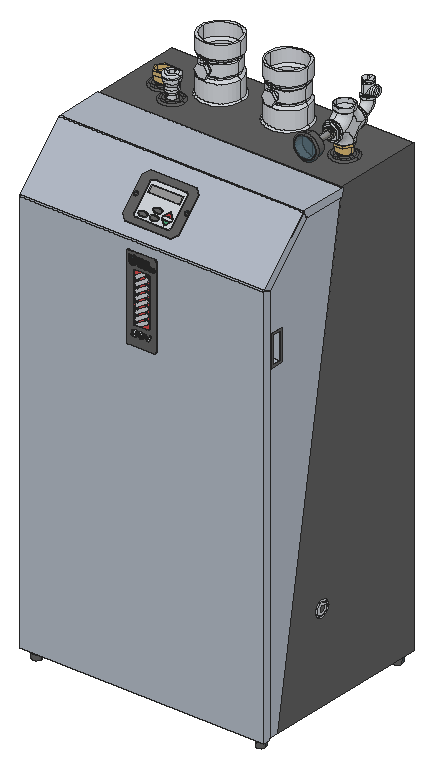
Revit family "Boiler-Helix_SSV_399", category Mechanical Equipment, Revit 2017
Family settings
  Round Connector Dimension = Use Diameter
  Part Type = Normal
  Work Plane-Based = No
  Always vertical = Yes
  Cut with Voids When Loaded = No
  Shared = No
  Room Calculation Point = No
Parameters
  Width = 2' - 3 1/8"
  Height = 4' - 4"
  Depth = 1' - 9 1/8"
Reference planes (in)
  plane 1 "Center (Front/Back)": y = 0
  plane 2: z = 0
  plane 3 "Center (Left/Right)": x = 0
  plane 4: y = 10.5625
  plane 5: x = -13.5625
  plane 6: x = 13.5625
  plane 7: y = -10.5625
  plane 8: z = 52
  plane 9: z = 58
  plane 10 "45": through (0, -25, 72) normal (0, 0.7071, -0.7071)
  plane 11: y = 0
  plane 12: x = 12.5625
  plane 13: x = -12.5625
  plane 14: y = -10.625
  plane 15: through (0, -5.91626, 51.26052) normal (0, 0.7071, -0.7071)
  plane 16: x = 1.68958
  plane 17: x = 13.67985
  plane 18: x = -13.67985
  plane 19: z = 0.5
  plane 20: z = 1.04535
Forms (in)
  Revolve 1, solid
    sketch origin (0.125, 7, 0) x (1, 0, 0) y (0, 0, 1)
      loop
        line (-7.36455, 58) -> (-7.61455, 58) -> (-7.61455, 56.5) -> (-7.31277, 56.19822) -> (-7.31277, 56.01072) -> (-7.40401, 55.91948) -> (-7.40401, 54.66948) -> (-7.31277, 54.57824) -> (-7.31277, 54.39074) -> (-7.61455, 54.08897) -> (-7.61455, 52.18021) -> (-7.79475, 52) -> (-7.36455, 52) -> (-7.36455, 53.98541) -> (-7.06277, 54.28719) -> (-7.06277, 54.6818) -> (-7.15401, 54.77304) -> (-7.15401, 55.81593) -> (-7.06277, 55.90717) -> (-7.06277, 56.30178) -> (-7.36455, 56.60355) -> (-7.36455, 58)
      axis (-5.36455, 58) -> (-5.36455, 52)
    angle from 0 to 360
  Extrusion 2, solid, material "Utica - Grey"
    sketch origin (0, 0, 0) x (0, 1, 0) y (0, 0, 1)
      loop
        line (-5.04784, 51.95216) -> (-10.51466, 46.48534)
        arc (-10.51466, 46.48534) -> (-10.55074, 46.43263) -> (-10.5625, 46.36985) r 0.15504
        line (-10.5625, 46.36985) -> (-10.5625, 1.04535) -> (-8.5625, 1.04535) -> (0.42218, 52) -> (-4.93235, 52)
        arc (-4.93235, 52) -> (-4.99548, 51.9891) -> (-5.04784, 51.95216) r 0.1457
      loop
        line (-9.27328, 41.43921) -> (-9.27328, 38.43921) -> (-8.27328, 38.43921) -> (-8.27328, 41.43921) -> (-9.27328, 41.43921)
    from -13.5625 to 13.5625
  Extrusion 3, solid, material "Utica - Black"
    sketch origin (0, 0, 0) x (0, 1, 0) y (0, 0, 1)
      loop
        line (0.42218, 52) -> (-8.5625, 1.04535) -> (10.5625, 1.04535) -> (10.5625, 52) -> (0.42218, 52)
    from -13.5625 to 13.5625
  Extrusion 4, solid
    sketch origin (0, 0, 0) x (1, 0, 0) y (0, 0, 1)
      loop
        line (-4.85032, 55.96863) -> (-5.62877, 55.96863) -> (-6.01799, 55.29448) -> (-5.62877, 54.62033) -> (-4.85032, 54.62033) -> (-4.4611, 55.29448) -> (-4.85032, 55.96863)
      loop
        line (2.72746, 55.96863) -> (1.93373, 55.96863) -> (1.54451, 55.29448) -> (1.93373, 54.62033) -> (2.71218, 54.62033) -> (3.10904, 55.30772) -> (2.72746, 55.96863)
    from -4.54545 to -4.26803
  Extrusion 5, solid
    sketch origin (0, 0, 0) x (1, 0, 0) y (0, 0, 1)
      loop
        circle (-5.23955, 55.29448) r 0.5
      loop
        circle (2.32295, 55.29448) r 0.5
    from -4.98147 to -4.54545
  Revolve 6, solid
    sketch origin (0, 3.5, 0) x (1, 0, 0) y (0, 0, 1)
      loop
        line (-8.26939, 54.68021) -> (-8.6233, 54.68021)
        arc (-8.6233, 54.68021) -> (-8.75651, 54.62062) -> (-8.80087, 54.4816) r 0.17868
        line (-8.80087, 54.4816) -> (-8.77537, 54.33698) -> (-8.73591, 54.33698)
        arc (-8.73591, 54.33698) -> (-8.72586, 54.09243) -> (-8.68957, 53.85038) r 2.27273
        line (-8.68957, 53.85038) -> (-8.52384, 53.49496) -> (-8.52384, 53.11359) -> (-8.57228, 53.11359) -> (-8.57228, 52.94604) -> (-8.3512, 52.94604) -> (-8.3512, 52.5534) -> (-8.40046, 52.5534) -> (-8.40046, 52) -> (-8.06455, 52) -> (-8.06455, 53.51849)
        arc (-8.06455, 53.51849) -> (-8.22809, 54.08857) -> (-8.26939, 54.68021) r 2.83382
      axis (-7.8958, 52) -> (-7.8958, 54.68021)
    angle from 0 to 360
  Revolve 7, solid, material "Utica - Black"
    sketch origin (0, 3.5, 0) x (1, 0, 0) y (0, 0, 1)
      loop
        line (-8.40046, 52) -> (-8.40046, 52.20946) -> (-8.59213, 52.20946)
        arc (-8.59213, 52.20946) -> (-8.68072, 52.19071) -> (-8.75412, 52.13767) r 0.21864
        line (-8.75412, 52.13767) -> (-9.00226, 52.1072)
        arc (-9.00226, 52.1072) -> (-9.12569, 52.07181) -> (-9.23215, 52) r 0.41042
        line (-9.23215, 52) -> (-8.40046, 52)
      axis (-7.8958, 52) -> (-7.8958, 52.20946)
    angle from 0 to 360
  Revolve 8, solid, material "Utica - Brass"
    sketch origin (0, 5.14132, 0) x (1, 0, 0) y (0, 0, 1)
      loop
        line (-10.98621, 53.11863) -> (-10.98621, 52.4295) -> (-10.89764, 52.34094) -> (-10.89764, 52) -> (-10.65664, 52) -> (-10.65664, 52.42281) -> (-10.73621, 52.50237) -> (-10.73621, 53.11863) -> (-10.98621, 53.11863)
      axis (-10.15664, 52) -> (-10.15664, 53.11863)
    angle from 0 to 360
  Revolve 9, solid, material "Utica - Black"
    sketch origin (0, 5.14132, 0) x (1, 0, 0) y (0, 0, 1)
      loop
        line (-10.89764, 52) -> (-10.89764, 52.20946) -> (-10.98708, 52.20946)
        arc (-10.98708, 52.20946) -> (-11.07567, 52.19071) -> (-11.14907, 52.13767) r 0.21864
        line (-11.14907, 52.13767) -> (-11.39721, 52.1072)
        arc (-11.39721, 52.1072) -> (-11.52064, 52.07181) -> (-11.6271, 52) r 0.41042
        line (-11.6271, 52) -> (-10.89764, 52)
      axis (-10.15664, 52) -> (-10.15664, 52.20946)
    angle from 0 to 360
  Extrusion 10, solid, material "Utica - Brass"
    sketch origin (0, 0, 0) x (1, 0, 0) y (0, 1, 0)
      loop
        circle (-10.15664, 5.14132) r 0.741
      loop
        line (-9.15664, 5.14132) -> (-9.65664, 6.00735) -> (-10.65664, 6.00735) -> (-11.15664, 5.14132) -> (-10.65664, 4.2753) -> (-9.65664, 4.2753) -> (-9.15664, 5.14132)
    from 53.11359 to 53.49496
  Revolve 11, solid, material "Utica - Brass"
    sketch origin (0, 5.14132, 0) x (-1, 0, 0) y (0, 0, -1)
      loop
        line (-10.98621, -53.11863) -> (-10.73621, -53.11863) -> (-10.73621, -52.50237) -> (-10.65664, -52.42281) -> (-10.65664, -52) -> (-10.89764, -52) -> (-10.89764, -52.34094) -> (-10.98621, -52.4295) -> (-10.98621, -53.11863)
      axis (-10.15664, -52) -> (-10.15664, -53.11863)
    angle from 0 to 360
  Revolve 12, solid, material "Utica - Black"
    sketch origin (0, 5.14132, 0) x (-1, 0, 0) y (0, 0, -1)
      loop
        line (-10.89764, -52) -> (-11.6271, -52)
        arc (-11.6271, -52) -> (-11.52064, -52.07181) -> (-11.39721, -52.1072) r 0.41042
        line (-11.39721, -52.1072) -> (-11.14907, -52.13767)
        arc (-11.14907, -52.13767) -> (-11.07567, -52.19071) -> (-10.98708, -52.20946) r 0.21864
        line (-10.98708, -52.20946) -> (-10.89764, -52.20946) -> (-10.89764, -52)
      axis (-10.15664, -52) -> (-10.15664, -52.20946)
    angle from 0 to 360
  Extrusion 13, solid, material "Utica - Brass"
    sketch origin (0, 0, 0) x (-1, 0, 0) y (0, -1, 0)
      loop
        circle (-10.15664, -5.14132) r 0.741
      loop
        line (-9.15664, -5.14132) -> (-9.65664, -4.2753) -> (-10.65664, -4.2753) -> (-11.15664, -5.14132) -> (-10.65664, -6.00735) -> (-9.65664, -6.00735) -> (-9.15664, -5.14132)
    from 53.11359 to 53.49496
  Extrusion 14, solid, material "Utica - Grey"
    sketch origin (0, 0, 0) x (0, 1, 0) y (0, 0, 1)
      loop
        line (-8.27328, 41.43921) -> (-9.27328, 41.43921) -> (-9.27328, 38.43921) -> (-8.27328, 38.43921) -> (-8.27328, 41.43921)
    from -12.5625 to 12.5625
  Extrusion 15, solid, material "Utica - Black"
    sketch origin (0, 0, 0) x (1, 0, 0) y (0, 1, 0)
      loop
        circle (-12.5625, 9.5625) r 0.5
      loop
        circle (12.5625, 9.5625) r 0.5
      loop
        circle (-12.5625, -9.5625) r 0.5
      loop
        circle (12.5625, -9.5625) r 0.5
    from 0 to 0.5
  Revolve 16, solid
    sketch origin (0, 7, 0) x (1, 0, 0) y (0, 0, 1)
      loop
        line (0.32295, 58) -> (0.07295, 58) -> (0.07295, 56.5) -> (0.37473, 56.19822) -> (0.37473, 56.01072) -> (0.28349, 55.91948) -> (0.28349, 54.66948) -> (0.37473, 54.57824) -> (0.37473, 54.39074) -> (0.07295, 54.08897) -> (0.07295, 52.18021) -> (-0.10725, 52) -> (0.32295, 52) -> (0.32295, 53.98541) -> (0.62473, 54.28719) -> (0.62473, 54.6818) -> (0.53349, 54.77304) -> (0.53349, 55.81593) -> (0.62473, 55.90717) -> (0.62473, 56.30178) -> (0.32295, 56.60355) -> (0.32295, 58)
      axis (2.32295, 52) -> (2.32295, 58)
    angle from 0 to 360
  Extrusion 17, solid, material "Utica - Black"
    sketch origin (13.5625, 0, 0) x (0, 1, 0) y (0, 0, 1)
      loop
        line (-9.52328, 41.68921) -> (-9.52328, 38.18921) -> (-8.02328, 38.18921) -> (-8.02328, 41.68921) -> (-9.52328, 41.68921)
      loop
        line (-9.27328, 41.43921) -> (-9.27328, 38.43921) -> (-8.27328, 38.43921) -> (-8.27328, 41.43921) -> (-9.27328, 41.43921)
    from 0 to 0.11735
  Extrusion 18, solid, material "Utica - Black"
    sketch origin (-13.5625, 0, 0) x (0, 1, 0) y (0, 0, -1)
      loop
        line (-9.52328, -41.68921) -> (-8.02328, -41.68921) -> (-8.02328, -38.18921) -> (-9.52328, -38.18921) -> (-9.52328, -41.68921)
      loop
        line (-9.27328, -41.43921) -> (-8.27328, -41.43921) -> (-8.27328, -38.43921) -> (-9.27328, -38.43921) -> (-9.27328, -41.43921)
    from 0 to 0.11735
  Extrusion 19, solid, material "Utica - Black"
    sketch origin (-0.30025, 0, 3.125) x (1, 0, 0) y (0, 0, 1)
      loop
        arc (-1.06538, 42.23991) -> (-1.29445, 42.14503) -> (-1.38933, 41.91596) r 0.32395
        line (-1.38933, 41.91596) -> (-1.38933, 33.06387)
        arc (-1.38933, 33.06387) -> (-1.29445, 32.8348) -> (-1.06538, 32.73991) r 0.32395
        line (-1.06538, 32.73991) -> (1.66587, 32.73991)
        arc (1.66587, 32.73991) -> (1.89494, 32.8348) -> (1.98982, 33.06387) r 0.32395
        line (1.98982, 33.06387) -> (1.98982, 41.91596)
        arc (1.98982, 41.91596) -> (1.89494, 42.14503) -> (1.66587, 42.23991) r 0.32395
        line (1.66587, 42.23991) -> (-1.06538, 42.23991)
      loop
        arc (-0.1688, 34.30427) -> (-0.47446, 34.39656) -> (-0.77972, 34.30297) r 0.54843
        arc (-0.77972, 34.30297) -> (-0.83266, 34.20348) -> (-0.77972, 34.10399) r 0.11996
        arc (-0.77972, 34.10399) -> (-0.66439, 34.05146) -> (-0.53824, 34.03928) r 0.38454
        arc (-0.53824, 34.03928) -> (-0.44695, 34.03766) -> (-0.35732, 34.02027) r 0.5254
        arc (-0.35732, 34.02027) -> (-0.29915, 33.94311) -> (-0.35732, 33.86594) r 0.08026
        arc (-0.35732, 33.86594) -> (-0.52213, 33.85012) -> (-0.68168, 33.89432) r 0.45491
        arc (-0.68168, 33.89432) -> (-0.72797, 33.92031) -> (-0.77092, 33.95152) r 0.45491
        line (-0.77092, 33.95152) -> (-0.84721, 33.85849)
        arc (-0.84721, 33.85849) -> (-0.66115, 33.75438) -> (-0.44944, 33.72924) r 0.54747
        arc (-0.44944, 33.72924) -> (-0.33191, 33.75151) -> (-0.22202, 33.79877) r 0.54747
        arc (-0.22202, 33.79877) -> (-0.13816, 33.9427) -> (-0.22202, 34.08663) r 0.16544
        arc (-0.22202, 34.08663) -> (-0.34028, 34.13148) -> (-0.46656, 34.1386) r 0.41468
        arc (-0.46656, 34.1386) -> (-0.54839, 34.13821) -> (-0.62892, 34.15281) r 0.44532
        arc (-0.62892, 34.15281) -> (-0.65135, 34.16446) -> (-0.66717, 34.18417) r 0.06127
        arc (-0.66717, 34.18417) -> (-0.67377, 34.21184) -> (-0.66717, 34.23951) r 0.06127
        arc (-0.66717, 34.23951) -> (-0.64721, 34.2641) -> (-0.61887, 34.27823) r 0.07482
        arc (-0.61887, 34.27823) -> (-0.42289, 34.28734) -> (-0.23921, 34.21839) r 0.48706
        line (-0.23921, 34.21839) -> (-0.1688, 34.30427)
      loop
        arc (0.55777, 34.30427) -> (0.25211, 34.39656) -> (-0.05316, 34.30297) r 0.54843
        arc (-0.05316, 34.30297) -> (-0.1061, 34.20348) -> (-0.05316, 34.10399) r 0.11996
        arc (-0.05316, 34.10399) -> (0.06217, 34.05146) -> (0.18832, 34.03928) r 0.38454
        arc (0.18832, 34.03928) -> (0.27961, 34.03766) -> (0.36924, 34.02027) r 0.5254
        arc (0.36924, 34.02027) -> (0.42742, 33.94311) -> (0.36924, 33.86594) r 0.08026
        arc (0.36924, 33.86594) -> (0.20443, 33.85012) -> (0.04488, 33.89432) r 0.45491
        arc (0.04488, 33.89432) -> (-0.00141, 33.92031) -> (-0.04436, 33.95152) r 0.45491
        line (-0.04436, 33.95152) -> (-0.12064, 33.85849)
        arc (-0.12064, 33.85849) -> (0.06541, 33.75438) -> (0.27712, 33.72924) r 0.54747
        arc (0.27712, 33.72924) -> (0.39465, 33.75151) -> (0.50454, 33.79877) r 0.54747
        arc (0.50454, 33.79877) -> (0.5884, 33.9427) -> (0.50454, 34.08663) r 0.16544
        arc (0.50454, 34.08663) -> (0.38628, 34.13148) -> (0.26001, 34.1386) r 0.41468
        arc (0.26001, 34.1386) -> (0.17817, 34.13821) -> (0.09764, 34.15281) r 0.44532
        arc (0.09764, 34.15281) -> (0.07521, 34.16446) -> (0.05939, 34.18417) r 0.06127
        arc (0.05939, 34.18417) -> (0.05279, 34.21184) -> (0.05939, 34.23951) r 0.06127
        arc (0.05939, 34.23951) -> (0.07935, 34.2641) -> (0.1077, 34.27823) r 0.07482
        arc (0.1077, 34.27823) -> (0.30368, 34.28734) -> (0.48735, 34.21839) r 0.48706
        line (0.48735, 34.21839) -> (0.55777, 34.30427)
      loop
        line (0.99376, 33.8806) -> (0.7524, 34.35429) -> (0.58022, 34.35429) -> (0.90648, 33.7407) -> (1.08104, 33.7407) -> (1.4073, 34.35429) -> (1.23512, 34.35429) -> (0.99376, 33.8806)
      loop
        line (-1.11084, 41.74493) -> (-1.11084, 41.26082)
        arc (-1.11084, 41.26082) -> (-0.92032, 40.90619) -> (-0.51945, 40.86927) r 0.42532
        arc (-0.51945, 40.86927) -> (-0.5794, 41.06771) -> (-0.52941, 41.2689) r 0.39078
        arc (-0.52941, 41.2689) -> (-0.49332, 41.18116) -> (-0.47943, 41.08731) r 0.39078
        arc (-0.47943, 41.08731) -> (-0.48329, 40.98204) -> (-0.50011, 40.87805) r 0.85211
        arc (-0.50011, 40.87805) -> (-0.32514, 41.03495) -> (-0.2602, 41.26082) r 0.42532
        line (-0.2602, 41.26082) -> (-0.2602, 41.74493) -> (-0.41986, 41.74493)
        arc (-0.41986, 41.74493) -> (-0.46998, 41.827) -> (-0.52729, 41.90421) r 1.06484
        arc (-0.52729, 41.90421) -> (-0.58732, 41.82756) -> (-0.63881, 41.74493) r 0.91029
        line (-0.63881, 41.74493) -> (-1.11084, 41.74493)
      loop
        line (-0.67742, 41.66614) -> (-1.03736, 41.66614) -> (-1.03736, 41.26082)
        arc (-1.03736, 41.26082) -> (-0.93555, 41.01504) -> (-0.68976, 40.91323) r 0.34759
        arc (-0.68976, 40.91323) -> (-0.74583, 40.98366) -> (-0.78666, 41.06389) r 0.4471
        arc (-0.78666, 41.06389) -> (-0.81058, 41.16091) -> (-0.80912, 41.26082) r 0.39097
        arc (-0.80912, 41.26082) -> (-0.76069, 41.46914) -> (-0.67742, 41.66614) r 1.24903
      loop
        line (-0.33314, 41.66694) -> (-0.38101, 41.66694) -> (-0.33314, 41.5678) -> (-0.33314, 41.66694)
      loop
        arc (-0.61193, 41.63481) -> (-0.69125, 41.44808) -> (-0.73731, 41.2505) r 1.17648
        arc (-0.73731, 41.2505) -> (-0.72077, 41.09473) -> (-0.63195, 40.9657) r 0.31842
        arc (-0.63195, 40.9657) -> (-0.63365, 41.21305) -> (-0.52702, 41.43624) r 0.55125
        arc (-0.52702, 41.43624) -> (-0.45655, 41.30902) -> (-0.41398, 41.16996) r 0.69804
        arc (-0.41398, 41.16996) -> (-0.40662, 41.11017) -> (-0.40769, 41.04993) r 0.4296
        arc (-0.40769, 41.04993) -> (-0.35019, 41.1721) -> (-0.33314, 41.30605) r 0.43266
        arc (-0.33314, 41.30605) -> (-0.37892, 41.47475) -> (-0.44918, 41.63481) r 1.17648
        arc (-0.44918, 41.63481) -> (-0.48616, 41.71051) -> (-0.53056, 41.78212) r 0.83774
        arc (-0.53056, 41.78212) -> (-0.57495, 41.71051) -> (-0.61193, 41.63481) r 0.83774
      loop
        line (-0.15023, 41.74493) -> (-0.15023, 41.45242)
        arc (-0.15023, 41.45242) -> (-0.10559, 41.35276) -> (-0.00149, 41.31973) r 0.13355
        arc (-0.00149, 41.31973) -> (0.1026, 41.35276) -> (0.14725, 41.45242) r 0.13355
        line (0.14725, 41.45242) -> (0.14725, 41.74493) -> (0.05145, 41.74493) -> (0.05145, 41.44699)
        arc (0.05145, 41.44699) -> (-0.00149, 41.40992) -> (-0.05443, 41.44699) r 0.05634
        line (-0.05443, 41.44699) -> (-0.05443, 41.74493) -> (-0.15023, 41.74493)
      loop
        line (0.1707, 41.74493) -> (0.1707, 41.64803) -> (0.25332, 41.64803) -> (0.25332, 41.32886) -> (0.30188, 41.32886) -> (0.35045, 41.32886) -> (0.35045, 41.64803) -> (0.43306, 41.64803) -> (0.43306, 41.74493) -> (0.30188, 41.74493) -> (0.1707, 41.74493)
      loop
        line (0.45042, 41.74493) -> (0.45042, 41.32886) -> (0.55159, 41.32886) -> (0.55159, 41.74493) -> (0.45042, 41.74493)
      loop
        arc (0.90195, 41.69969) -> (0.73479, 41.74843) -> (0.59254, 41.64803) r 0.20049
        arc (0.59254, 41.64803) -> (0.57005, 41.48853) -> (0.66018, 41.35503) r 0.22448
        arc (0.66018, 41.35503) -> (0.69575, 41.33681) -> (0.7349, 41.32886) r 0.14678
        arc (0.7349, 41.32886) -> (0.76626, 41.3278) -> (0.79763, 41.32864) r 0.51931
        arc (0.79763, 41.32864) -> (0.81403, 41.33652) -> (0.82612, 41.35012) r 0.04615
        line (0.82612, 41.35012) -> (0.84995, 41.39097) -> (0.98173, 41.39097) -> (0.98173, 41.32485) -> (1.07908, 41.32485) -> (1.07908, 41.73986) -> (0.98173, 41.73986) -> (0.76967, 41.42547)
        arc (0.76967, 41.42547) -> (0.66962, 41.57294) -> (0.84332, 41.61278) r 0.10796
        line (0.84332, 41.61278) -> (0.90195, 41.69969)
      loop
        line (0.98173, 41.57616) -> (0.91947, 41.48386) -> (0.98173, 41.48386) -> (0.98173, 41.57616)
      loop
        line (-0.15023, 41.2758) -> (-0.15023, 40.86822) -> (0.01241, 40.86822)
        arc (0.01241, 40.86822) -> (0.12568, 40.95262) -> (0.06087, 41.07814) r 0.10918
        arc (0.06087, 41.07814) -> (0.10235, 41.18602) -> (0.02957, 41.2758) r 0.11546
        line (0.02957, 41.2758) -> (-0.15023, 41.2758)
      loop
        line (-0.05542, 41.1843) -> (-0.05542, 41.11784) -> (-0.02011, 41.11784)
        arc (-0.02011, 41.11784) -> (0.01312, 41.15107) -> (-0.02011, 41.1843) r 0.03323
        line (-0.02011, 41.1843) -> (-0.05542, 41.1843)
      loop
        line (-0.05542, 41.02385) -> (-0.05542, 40.9574) -> (-0.00873, 40.9574)
        arc (-0.00873, 40.9574) -> (0.02449, 40.99063) -> (-0.00873, 41.02385) r 0.03323
        line (-0.00873, 41.02385) -> (-0.05542, 41.02385)
      loop
        circle (0.33835, 41.06961) r 0.21153
      loop
        circle (0.33835, 41.06961) r 0.11764
      loop
        line (0.56921, 41.27292) -> (0.56921, 40.86142) -> (0.67182, 40.86142) -> (0.67182, 41.27292) -> (0.56921, 41.27292)
      loop
        line (0.69067, 41.27292) -> (0.69067, 40.86142) -> (0.92312, 40.86142) -> (0.92312, 40.95985) -> (0.79223, 40.95985) -> (0.79223, 41.27292) -> (0.69067, 41.27292)
      loop
        line (0.93508, 41.27292) -> (0.93508, 40.86142) -> (1.16649, 40.86142) -> (1.16649, 40.95985) -> (1.03826, 40.95985) -> (1.03826, 41.02709) -> (1.15392, 41.02709) -> (1.15392, 41.11505) -> (1.03826, 41.11505) -> (1.03826, 41.18415) -> (1.16649, 41.18415) -> (1.16649, 41.27292) -> (0.93508, 41.27292)
      loop
        line (1.34593, 41.27293) -> (1.18289, 41.27293) -> (1.18289, 40.86142) -> (1.27849, 40.86142) -> (1.27849, 41.00721) -> (1.36959, 40.86142) -> (1.48228, 40.86142) -> (1.39613, 40.99931)
        arc (1.39613, 40.99931) -> (1.48502, 41.15703) -> (1.34593, 41.27293) r 0.14142
      loop
        line (1.28062, 41.18415) -> (1.28062, 41.06835) -> (1.32864, 41.06835)
        arc (1.32864, 41.06835) -> (1.3867, 41.12228) -> (1.33719, 41.18415) r 0.05822
        line (1.33719, 41.18415) -> (1.28062, 41.18415)
      loop
        arc (1.7606, 41.16151) -> (1.69858, 41.25844) -> (1.58381, 41.26681) r 0.12846
        arc (1.58381, 41.26681) -> (1.51113, 41.17796) -> (1.54523, 41.06835) r 0.12114
        arc (1.54523, 41.06835) -> (1.57886, 41.04336) -> (1.61798, 41.02836) r 0.1539
        arc (1.61798, 41.02836) -> (1.64891, 41.0086) -> (1.6606, 40.97381) r 0.05518
        arc (1.6606, 40.97381) -> (1.6438, 40.94401) -> (1.60964, 40.94197) r 0.03577
        arc (1.60964, 40.94197) -> (1.59001, 40.96165) -> (1.58755, 40.98934) r 0.04078
        line (1.58755, 40.98934) -> (1.49428, 40.98934)
        arc (1.49428, 40.98934) -> (1.53323, 40.89532) -> (1.62724, 40.85638) r 0.13296
        arc (1.62724, 40.85638) -> (1.7162, 40.89053) -> (1.75947, 40.97544) r 0.13296
        arc (1.75947, 40.97544) -> (1.73893, 41.05209) -> (1.67238, 41.09531) r 0.11071
        arc (1.67238, 41.09531) -> (1.63253, 41.11474) -> (1.60648, 41.1506) r 0.09162
        arc (1.60648, 41.1506) -> (1.60992, 41.18084) -> (1.63715, 41.19441) r 0.03188
        arc (1.63715, 41.19441) -> (1.66243, 41.18471) -> (1.67637, 41.16151) r 0.04158
        line (1.67637, 41.16151) -> (1.7606, 41.16151)
      loop
        arc (1.18814, 40.30397) -> (1.15989, 40.37218) -> (1.09167, 40.40044) r 0.09647
        line (1.09167, 40.40044) -> (-0.46539, 40.40044)
        arc (-0.46539, 40.40044) -> (-0.5336, 40.37218) -> (-0.56186, 40.30397) r 0.09647
        line (-0.56186, 40.30397) -> (-0.56186, 34.99691)
        arc (-0.56186, 34.99691) -> (-0.5336, 34.92869) -> (-0.46539, 34.90044) r 0.09647
        line (-0.46539, 34.90044) -> (1.09167, 34.90044)
        arc (1.09167, 34.90044) -> (1.15989, 34.92869) -> (1.18814, 34.99691) r 0.09647
        line (1.18814, 34.99691) -> (1.18814, 40.30397)
    from 10.5625 to 10.625
  Extrusion 20, solid
    sketch origin (-0.30025, 0, 3.125) x (1, 0, 0) y (0, 0, 1)
      loop
        line (0.28835, 40.38275) -> (-0.3527, 39.96645)
        arc (-0.3527, 39.96645) -> (-0.49051, 39.61298) -> (-0.16468, 39.41864) r 0.29363
        line (-0.16468, 39.41864) -> (-0.0467, 39.49526)
        arc (-0.0467, 39.49526) -> (-0.15366, 39.51799) -> (-0.13092, 39.62494) r 0.07732
        line (-0.13092, 39.62494) -> (1.036, 40.38275) -> (0.28835, 40.38275)
      loop
        arc (0.95736, 39.62856) -> (1.09518, 39.98203) -> (0.76935, 40.17637) r 0.29363
        line (0.76935, 40.17637) -> (0.65136, 40.09976)
        arc (0.65136, 40.09976) -> (0.75832, 40.07702) -> (0.73559, 39.97007) r 0.07732
        line (0.73559, 39.97007) -> (-0.3527, 39.26333)
        arc (-0.3527, 39.26333) -> (-0.49051, 38.90985) -> (-0.16468, 38.71551) r 0.29363
        line (-0.16468, 38.71551) -> (-0.0467, 38.79213)
        arc (-0.0467, 38.79213) -> (-0.15366, 38.81486) -> (-0.13092, 38.92182) r 0.07732
        line (-0.13092, 38.92182) -> (0.95736, 39.62856)
      loop
        arc (0.95736, 38.91985) -> (1.09518, 39.27332) -> (0.76935, 39.46767) r 0.29363
        line (0.76935, 39.46767) -> (0.65136, 39.39105)
        arc (0.65136, 39.39105) -> (0.75832, 39.36831) -> (0.73559, 39.26136) r 0.07732
        line (0.73559, 39.26136) -> (-0.3527, 38.55462)
        arc (-0.3527, 38.55462) -> (-0.49051, 38.20115) -> (-0.16468, 38.0068) r 0.29363
        line (-0.16468, 38.0068) -> (-0.0467, 38.08342)
        arc (-0.0467, 38.08342) -> (-0.15366, 38.10616) -> (-0.13092, 38.21311) r 0.07732
        line (-0.13092, 38.21311) -> (0.95736, 38.91985)
      loop
        arc (0.95736, 38.21114) -> (1.09518, 38.56461) -> (0.76935, 38.75896) r 0.29363
        line (0.76935, 38.75896) -> (0.65136, 38.68234)
        arc (0.65136, 38.68234) -> (0.75832, 38.6596) -> (0.73559, 38.55265) r 0.07732
        line (0.73559, 38.55265) -> (-0.3527, 37.84591)
        arc (-0.3527, 37.84591) -> (-0.49051, 37.49244) -> (-0.16468, 37.29809) r 0.29363
        line (-0.16468, 37.29809) -> (-0.0467, 37.37471)
        arc (-0.0467, 37.37471) -> (-0.15366, 37.39745) -> (-0.13092, 37.5044) r 0.07732
        line (-0.13092, 37.5044) -> (0.95736, 38.21114)
      loop
        arc (0.95736, 37.50243) -> (1.09518, 37.8559) -> (0.76935, 38.05025) r 0.29363
        line (0.76935, 38.05025) -> (0.65136, 37.97363)
        arc (0.65136, 37.97363) -> (0.75832, 37.95089) -> (0.73559, 37.84394) r 0.07732
        line (0.73559, 37.84394) -> (-0.3527, 37.1372)
        arc (-0.3527, 37.1372) -> (-0.49051, 36.78373) -> (-0.16468, 36.58939) r 0.29363
        line (-0.16468, 36.58939) -> (-0.0467, 36.666)
        arc (-0.0467, 36.666) -> (-0.15366, 36.68874) -> (-0.13092, 36.79569) r 0.07732
        line (-0.13092, 36.79569) -> (0.95736, 37.50243)
      loop
        arc (0.95736, 36.79372) -> (1.09518, 37.1472) -> (0.76935, 37.34154) r 0.29363
        line (0.76935, 37.34154) -> (0.65136, 37.26492)
        arc (0.65136, 37.26492) -> (0.75832, 37.24219) -> (0.73559, 37.13523) r 0.07732
        line (0.73559, 37.13523) -> (-0.3527, 36.42849)
        arc (-0.3527, 36.42849) -> (-0.49051, 36.07502) -> (-0.16468, 35.88068) r 0.29363
        line (-0.16468, 35.88068) -> (-0.0467, 35.9573)
        arc (-0.0467, 35.9573) -> (-0.15366, 35.98003) -> (-0.13092, 36.08698) r 0.07732
        line (-0.13092, 36.08698) -> (0.95736, 36.79372)
      loop
        arc (0.95736, 36.08502) -> (1.09518, 36.43849) -> (0.76935, 36.63283) r 0.29363
        line (0.76935, 36.63283) -> (0.65136, 36.55621)
        arc (0.65136, 36.55621) -> (0.75832, 36.53348) -> (0.73559, 36.42652) r 0.07732
        line (0.73559, 36.42652) -> (-0.3527, 35.71978)
        arc (-0.3527, 35.71978) -> (-0.49051, 35.36631) -> (-0.16468, 35.17197) r 0.29363
        line (-0.16468, 35.17197) -> (-0.0467, 35.24859)
        arc (-0.0467, 35.24859) -> (-0.15366, 35.27132) -> (-0.13092, 35.37828) r 0.07732
        line (-0.13092, 35.37828) -> (0.95736, 36.08502)
      loop
        arc (0.95736, 35.37631) -> (1.09518, 35.72978) -> (0.76935, 35.92412) r 0.29363
        line (0.76935, 35.92412) -> (0.65136, 35.8475)
        arc (0.65136, 35.8475) -> (0.75832, 35.82477) -> (0.73559, 35.71781) r 0.07732
        line (0.73559, 35.71781) -> (-0.44237, 34.95284) -> (-0.41183, 34.9223) -> (0.25825, 34.9223) -> (0.95736, 35.37631)
    from 10.5625 to 10.625
  Extrusion 21, solid, material "Utica - Red"
    sketch origin (-0.30025, 0, 3.125) x (1, 0, 0) y (0, 0, 1)
      loop
        arc (-0.46539, 40.40044) -> (-0.5336, 40.37218) -> (-0.56186, 40.30397) r 0.09647
        line (-0.56186, 40.30397) -> (-0.56186, 34.99691)
        arc (-0.56186, 34.99691) -> (-0.5336, 34.92869) -> (-0.46539, 34.90044) r 0.09647
        line (-0.46539, 34.90044) -> (1.09167, 34.90044)
        arc (1.09167, 34.90044) -> (1.15989, 34.92869) -> (1.18814, 34.99691) r 0.09647
        line (1.18814, 34.99691) -> (1.18814, 40.30397)
        arc (1.18814, 40.30397) -> (1.15989, 40.37218) -> (1.09167, 40.40044) r 0.09647
        line (1.09167, 40.40044) -> (-0.46539, 40.40044)
      loop
        line (0.28835, 40.38275) -> (-0.3527, 39.96645)
        arc (-0.3527, 39.96645) -> (-0.49051, 39.61298) -> (-0.16468, 39.41864) r 0.29363
        line (-0.16468, 39.41864) -> (-0.0467, 39.49526)
        arc (-0.0467, 39.49526) -> (-0.15366, 39.51799) -> (-0.13092, 39.62494) r 0.07732
        line (-0.13092, 39.62494) -> (1.036, 40.38275) -> (0.28835, 40.38275)
      loop
        line (0.73559, 39.97007) -> (-0.3527, 39.26333)
        arc (-0.3527, 39.26333) -> (-0.49051, 38.90985) -> (-0.16468, 38.71551) r 0.29363
        line (-0.16468, 38.71551) -> (-0.0467, 38.79213)
        arc (-0.0467, 38.79213) -> (-0.15366, 38.81486) -> (-0.13092, 38.92182) r 0.07732
        line (-0.13092, 38.92182) -> (0.95736, 39.62856)
        arc (0.95736, 39.62856) -> (1.09518, 39.98203) -> (0.76935, 40.17637) r 0.29363
        line (0.76935, 40.17637) -> (0.65136, 40.09976)
        arc (0.65136, 40.09976) -> (0.75832, 40.07702) -> (0.73559, 39.97007) r 0.07732
      loop
        line (0.73559, 39.26136) -> (-0.3527, 38.55462)
        arc (-0.3527, 38.55462) -> (-0.49051, 38.20115) -> (-0.16468, 38.0068) r 0.29363
        line (-0.16468, 38.0068) -> (-0.0467, 38.08342)
        arc (-0.0467, 38.08342) -> (-0.15366, 38.10616) -> (-0.13092, 38.21311) r 0.07732
        line (-0.13092, 38.21311) -> (0.95736, 38.91985)
        arc (0.95736, 38.91985) -> (1.09518, 39.27332) -> (0.76935, 39.46767) r 0.29363
        line (0.76935, 39.46767) -> (0.65136, 39.39105)
        arc (0.65136, 39.39105) -> (0.75832, 39.36831) -> (0.73559, 39.26136) r 0.07732
      loop
        line (0.73559, 38.55265) -> (-0.3527, 37.84591)
        arc (-0.3527, 37.84591) -> (-0.49051, 37.49244) -> (-0.16468, 37.29809) r 0.29363
        line (-0.16468, 37.29809) -> (-0.0467, 37.37471)
        arc (-0.0467, 37.37471) -> (-0.15366, 37.39745) -> (-0.13092, 37.5044) r 0.07732
        line (-0.13092, 37.5044) -> (0.95736, 38.21114)
        arc (0.95736, 38.21114) -> (1.09518, 38.56461) -> (0.76935, 38.75896) r 0.29363
        line (0.76935, 38.75896) -> (0.65136, 38.68234)
        arc (0.65136, 38.68234) -> (0.75832, 38.6596) -> (0.73559, 38.55265) r 0.07732
      loop
        line (0.73559, 37.84394) -> (-0.3527, 37.1372)
        arc (-0.3527, 37.1372) -> (-0.49051, 36.78373) -> (-0.16468, 36.58939) r 0.29363
        line (-0.16468, 36.58939) -> (-0.0467, 36.666)
        arc (-0.0467, 36.666) -> (-0.15366, 36.68874) -> (-0.13092, 36.79569) r 0.07732
        line (-0.13092, 36.79569) -> (0.95736, 37.50243)
        arc (0.95736, 37.50243) -> (1.09518, 37.8559) -> (0.76935, 38.05025) r 0.29363
        line (0.76935, 38.05025) -> (0.65136, 37.97363)
        arc (0.65136, 37.97363) -> (0.75832, 37.95089) -> (0.73559, 37.84394) r 0.07732
      loop
        line (0.73559, 37.13523) -> (-0.3527, 36.42849)
        arc (-0.3527, 36.42849) -> (-0.49051, 36.07502) -> (-0.16468, 35.88068) r 0.29363
        line (-0.16468, 35.88068) -> (-0.0467, 35.9573)
        arc (-0.0467, 35.9573) -> (-0.15366, 35.98003) -> (-0.13092, 36.08698) r 0.07732
        line (-0.13092, 36.08698) -> (0.95736, 36.79372)
        arc (0.95736, 36.79372) -> (1.09518, 37.1472) -> (0.76935, 37.34154) r 0.29363
        line (0.76935, 37.34154) -> (0.65136, 37.26492)
        arc (0.65136, 37.26492) -> (0.75832, 37.24219) -> (0.73559, 37.13523) r 0.07732
      loop
        line (0.73559, 36.42652) -> (-0.3527, 35.71978)
        arc (-0.3527, 35.71978) -> (-0.49051, 35.36631) -> (-0.16468, 35.17197) r 0.29363
        line (-0.16468, 35.17197) -> (-0.0467, 35.24859)
        arc (-0.0467, 35.24859) -> (-0.15366, 35.27132) -> (-0.13092, 35.37828) r 0.07732
        line (-0.13092, 35.37828) -> (0.95736, 36.08502)
        arc (0.95736, 36.08502) -> (1.09518, 36.43849) -> (0.76935, 36.63283) r 0.29363
        line (0.76935, 36.63283) -> (0.65136, 36.55621)
        arc (0.65136, 36.55621) -> (0.75832, 36.53348) -> (0.73559, 36.42652) r 0.07732
      loop
        line (0.73559, 35.71781) -> (-0.44237, 34.95284) -> (-0.41183, 34.9223) -> (0.25825, 34.9223) -> (0.95736, 35.37631)
        arc (0.95736, 35.37631) -> (1.09518, 35.72978) -> (0.76935, 35.92412) r 0.29363
        line (0.76935, 35.92412) -> (0.65136, 35.8475)
        arc (0.65136, 35.8475) -> (0.75832, 35.82477) -> (0.73559, 35.71781) r 0.07732
    from 10.5625 to 10.625
  Extrusion 22, solid, material "Utica - White"
    sketch origin (-0.30025, 0, 3.125) x (1, 0, 0) y (0, 0, 1)
      loop
        arc (-0.15023, 41.45242) -> (-0.10559, 41.35276) -> (-0.00149, 41.31973) r 0.13355
        arc (-0.00149, 41.31973) -> (0.1026, 41.35276) -> (0.14725, 41.45242) r 0.13355
        line (0.14725, 41.45242) -> (0.14725, 41.74493) -> (0.05145, 41.74493) -> (0.05145, 41.44699)
        arc (0.05145, 41.44699) -> (-0.00149, 41.40992) -> (-0.05443, 41.44699) r 0.05634
        line (-0.05443, 41.44699) -> (-0.05443, 41.74493) -> (-0.15023, 41.74493) -> (-0.15023, 41.45242)
      loop
        line (-0.15023, 41.2758) -> (-0.15023, 40.86822) -> (0.01241, 40.86822)
        arc (0.01241, 40.86822) -> (0.12568, 40.95262) -> (0.06087, 41.07814) r 0.10918
        arc (0.06087, 41.07814) -> (0.10235, 41.18602) -> (0.02957, 41.2758) r 0.11546
        line (0.02957, 41.2758) -> (-0.15023, 41.2758)
      loop
        circle (0.33835, 41.06961) r 0.21153
      loop
        circle (0.33835, 41.06961) r 0.11764
      loop
        arc (-0.02011, 41.11784) -> (0.01312, 41.15107) -> (-0.02011, 41.1843) r 0.03323
        line (-0.02011, 41.1843) -> (-0.05542, 41.1843) -> (-0.05542, 41.11784) -> (-0.02011, 41.11784)
      loop
        line (-0.00873, 41.02385) -> (-0.05542, 41.02385) -> (-0.05542, 40.9574) -> (-0.00873, 40.9574)
        arc (-0.00873, 40.9574) -> (0.02449, 40.99063) -> (-0.00873, 41.02385) r 0.03323
      loop
        line (0.25332, 41.32886) -> (0.30188, 41.32886) -> (0.35045, 41.32886) -> (0.35045, 41.64803) -> (0.43306, 41.64803) -> (0.43306, 41.74493) -> (0.30188, 41.74493) -> (0.1707, 41.74493) -> (0.1707, 41.64803) -> (0.25332, 41.64803) -> (0.25332, 41.32886)
      loop
        line (0.45042, 41.32886) -> (0.55159, 41.32886) -> (0.55159, 41.74493) -> (0.45042, 41.74493) -> (0.45042, 41.32886)
      loop
        arc (0.59254, 41.64803) -> (0.57005, 41.48853) -> (0.66018, 41.35503) r 0.22448
        arc (0.66018, 41.35503) -> (0.69575, 41.33681) -> (0.7349, 41.32886) r 0.14678
        arc (0.7349, 41.32886) -> (0.76626, 41.3278) -> (0.79763, 41.32864) r 0.51931
        arc (0.79763, 41.32864) -> (0.81403, 41.33652) -> (0.82612, 41.35012) r 0.04615
        line (0.82612, 41.35012) -> (0.84995, 41.39097) -> (0.98173, 41.39097) -> (0.98173, 41.32485) -> (1.07908, 41.32485) -> (1.07908, 41.73986) -> (0.98173, 41.73986) -> (0.76967, 41.42547)
        arc (0.76967, 41.42547) -> (0.66962, 41.57294) -> (0.84332, 41.61278) r 0.10796
        line (0.84332, 41.61278) -> (0.90195, 41.69969)
        arc (0.90195, 41.69969) -> (0.73479, 41.74843) -> (0.59254, 41.64803) r 0.20049
      loop
        line (0.98173, 41.57616) -> (0.91947, 41.48386) -> (0.98173, 41.48386) -> (0.98173, 41.57616)
      loop
        line (0.67182, 41.27292) -> (0.56921, 41.27292) -> (0.56921, 40.86142) -> (0.67182, 40.86142) -> (0.67182, 41.27292)
      loop
        line (0.79223, 41.27292) -> (0.69067, 41.27292) -> (0.69067, 40.86142) -> (0.92312, 40.86142) -> (0.92312, 40.95985) -> (0.79223, 40.95985) -> (0.79223, 41.27292)
      loop
        line (0.93508, 41.27292) -> (0.93508, 40.86142) -> (1.16649, 40.86142) -> (1.16649, 40.95985) -> (1.03826, 40.95985) -> (1.03826, 41.02709) -> (1.15392, 41.02709) -> (1.15392, 41.11505) -> (1.03826, 41.11505) -> (1.03826, 41.18415) -> (1.16649, 41.18415) -> (1.16649, 41.27292) -> (0.93508, 41.27292)
      loop
        line (1.18289, 41.27293) -> (1.18289, 40.86142) -> (1.27849, 40.86142) -> (1.27849, 41.00721) -> (1.36959, 40.86142) -> (1.48228, 40.86142) -> (1.39613, 40.99931)
        arc (1.39613, 40.99931) -> (1.48502, 41.15703) -> (1.34593, 41.27293) r 0.14142
        line (1.34593, 41.27293) -> (1.18289, 41.27293)
      loop
        line (1.33719, 41.18415) -> (1.28062, 41.18415) -> (1.28062, 41.06835) -> (1.32864, 41.06835)
        arc (1.32864, 41.06835) -> (1.3867, 41.12228) -> (1.33719, 41.18415) r 0.05822
      loop
        arc (1.58381, 41.26681) -> (1.51113, 41.17796) -> (1.54523, 41.06835) r 0.12114
        arc (1.54523, 41.06835) -> (1.57886, 41.04336) -> (1.61798, 41.02836) r 0.1539
        arc (1.61798, 41.02836) -> (1.64891, 41.0086) -> (1.6606, 40.97381) r 0.05518
        arc (1.6606, 40.97381) -> (1.6438, 40.94401) -> (1.60964, 40.94197) r 0.03577
        arc (1.60964, 40.94197) -> (1.59001, 40.96165) -> (1.58755, 40.98934) r 0.04078
        line (1.58755, 40.98934) -> (1.49428, 40.98934)
        arc (1.49428, 40.98934) -> (1.53323, 40.89532) -> (1.62724, 40.85638) r 0.13296
        arc (1.62724, 40.85638) -> (1.7162, 40.89053) -> (1.75947, 40.97544) r 0.13296
        arc (1.75947, 40.97544) -> (1.73893, 41.05209) -> (1.67238, 41.09531) r 0.11071
        arc (1.67238, 41.09531) -> (1.63253, 41.11474) -> (1.60648, 41.1506) r 0.09162
        arc (1.60648, 41.1506) -> (1.60992, 41.18084) -> (1.63715, 41.19441) r 0.03188
        arc (1.63715, 41.19441) -> (1.66243, 41.18471) -> (1.67637, 41.16151) r 0.04158
        line (1.67637, 41.16151) -> (1.7606, 41.16151)
        arc (1.7606, 41.16151) -> (1.69858, 41.25844) -> (1.58381, 41.26681) r 0.12846
    from 10.5625 to 10.625
  Extrusion 23, solid, material "Utica - White"
    sketch origin (-0.30025, 0, 3.125) x (1, 0, 0) y (0, 0, 1)
      loop
        arc (-0.77972, 34.30297) -> (-0.83266, 34.20348) -> (-0.77972, 34.10399) r 0.11996
        arc (-0.77972, 34.10399) -> (-0.66439, 34.05146) -> (-0.53824, 34.03928) r 0.38454
        arc (-0.53824, 34.03928) -> (-0.44695, 34.03766) -> (-0.35732, 34.02027) r 0.5254
        arc (-0.35732, 34.02027) -> (-0.29915, 33.94311) -> (-0.35732, 33.86594) r 0.08026
        arc (-0.35732, 33.86594) -> (-0.52213, 33.85012) -> (-0.68168, 33.89432) r 0.45491
        arc (-0.68168, 33.89432) -> (-0.72797, 33.92031) -> (-0.77092, 33.95152) r 0.45491
        line (-0.77092, 33.95152) -> (-0.84721, 33.85849)
        arc (-0.84721, 33.85849) -> (-0.66115, 33.75438) -> (-0.44944, 33.72924) r 0.54747
        arc (-0.44944, 33.72924) -> (-0.33191, 33.75151) -> (-0.22202, 33.79877) r 0.54747
        arc (-0.22202, 33.79877) -> (-0.13816, 33.9427) -> (-0.22202, 34.08663) r 0.16544
        arc (-0.22202, 34.08663) -> (-0.34028, 34.13148) -> (-0.46656, 34.1386) r 0.41468
        arc (-0.46656, 34.1386) -> (-0.54839, 34.13821) -> (-0.62892, 34.15281) r 0.44532
        arc (-0.62892, 34.15281) -> (-0.65135, 34.16446) -> (-0.66717, 34.18417) r 0.06127
        arc (-0.66717, 34.18417) -> (-0.67377, 34.21184) -> (-0.66717, 34.23951) r 0.06127
        arc (-0.66717, 34.23951) -> (-0.64721, 34.2641) -> (-0.61887, 34.27823) r 0.07482
        arc (-0.61887, 34.27823) -> (-0.42289, 34.28734) -> (-0.23921, 34.21839) r 0.48706
        line (-0.23921, 34.21839) -> (-0.1688, 34.30427)
        arc (-0.1688, 34.30427) -> (-0.47446, 34.39656) -> (-0.77972, 34.30297) r 0.54843
      loop
        arc (-0.05316, 34.30297) -> (-0.1061, 34.20348) -> (-0.05316, 34.10399) r 0.11996
        arc (-0.05316, 34.10399) -> (0.06217, 34.05146) -> (0.18832, 34.03928) r 0.38454
        arc (0.18832, 34.03928) -> (0.27961, 34.03766) -> (0.36924, 34.02027) r 0.5254
        arc (0.36924, 34.02027) -> (0.42742, 33.94311) -> (0.36924, 33.86594) r 0.08026
        arc (0.36924, 33.86594) -> (0.20443, 33.85012) -> (0.04488, 33.89432) r 0.45491
        arc (0.04488, 33.89432) -> (-0.00141, 33.92031) -> (-0.04436, 33.95152) r 0.45491
        line (-0.04436, 33.95152) -> (-0.12064, 33.85849)
        arc (-0.12064, 33.85849) -> (0.06541, 33.75438) -> (0.27712, 33.72924) r 0.54747
        arc (0.27712, 33.72924) -> (0.39465, 33.75151) -> (0.50454, 33.79877) r 0.54747
        arc (0.50454, 33.79877) -> (0.5884, 33.9427) -> (0.50454, 34.08663) r 0.16544
        arc (0.50454, 34.08663) -> (0.38628, 34.13148) -> (0.26001, 34.1386) r 0.41468
        arc (0.26001, 34.1386) -> (0.17817, 34.13821) -> (0.09764, 34.15281) r 0.44532
        arc (0.09764, 34.15281) -> (0.07521, 34.16446) -> (0.05939, 34.18417) r 0.06127
        arc (0.05939, 34.18417) -> (0.05279, 34.21184) -> (0.05939, 34.23951) r 0.06127
        arc (0.05939, 34.23951) -> (0.07935, 34.2641) -> (0.1077, 34.27823) r 0.07482
        arc (0.1077, 34.27823) -> (0.30368, 34.28734) -> (0.48735, 34.21839) r 0.48706
        line (0.48735, 34.21839) -> (0.55777, 34.30427)
        arc (0.55777, 34.30427) -> (0.25211, 34.39656) -> (-0.05316, 34.30297) r 0.54843
      loop
        line (0.7524, 34.35429) -> (0.58022, 34.35429) -> (0.90648, 33.7407) -> (1.08104, 33.7407) -> (1.4073, 34.35429) -> (1.23512, 34.35429) -> (0.99376, 33.8806) -> (0.7524, 34.35429)
    from 10.5625 to 10.625
  Extrusion 24, solid, material "Utica - Red"
    sketch origin (-0.30025, 0, 3.125) x (1, 0, 0) y (0, 0, 1)
      loop
        line (-1.11084, 41.74493) -> (-1.11084, 41.26082)
        arc (-1.11084, 41.26082) -> (-0.92032, 40.90619) -> (-0.51945, 40.86927) r 0.42532
        arc (-0.51945, 40.86927) -> (-0.5794, 41.06771) -> (-0.52941, 41.2689) r 0.39078
        arc (-0.52941, 41.2689) -> (-0.49332, 41.18116) -> (-0.47943, 41.08731) r 0.39078
        arc (-0.47943, 41.08731) -> (-0.48329, 40.98204) -> (-0.50011, 40.87805) r 0.85211
        arc (-0.50011, 40.87805) -> (-0.32514, 41.03495) -> (-0.2602, 41.26082) r 0.42532
        line (-0.2602, 41.26082) -> (-0.2602, 41.74493) -> (-0.41986, 41.74493)
        arc (-0.41986, 41.74493) -> (-0.46998, 41.827) -> (-0.52729, 41.90421) r 1.06484
        arc (-0.52729, 41.90421) -> (-0.58732, 41.82756) -> (-0.63881, 41.74493) r 0.91029
        line (-0.63881, 41.74493) -> (-1.11084, 41.74493)
      loop
        line (-0.67742, 41.66614) -> (-1.03736, 41.66614) -> (-1.03736, 41.26082)
        arc (-1.03736, 41.26082) -> (-0.93555, 41.01504) -> (-0.68976, 40.91323) r 0.34759
        arc (-0.68976, 40.91323) -> (-0.74583, 40.98366) -> (-0.78666, 41.06389) r 0.4471
        arc (-0.78666, 41.06389) -> (-0.81058, 41.16091) -> (-0.80912, 41.26082) r 0.39097
        arc (-0.80912, 41.26082) -> (-0.76069, 41.46914) -> (-0.67742, 41.66614) r 1.24903
      loop
        arc (-0.61193, 41.63481) -> (-0.69125, 41.44808) -> (-0.73731, 41.2505) r 1.17648
        arc (-0.73731, 41.2505) -> (-0.72077, 41.09473) -> (-0.63195, 40.9657) r 0.31842
        arc (-0.63195, 40.9657) -> (-0.63365, 41.21305) -> (-0.52702, 41.43624) r 0.55125
        arc (-0.52702, 41.43624) -> (-0.45655, 41.30902) -> (-0.41398, 41.16996) r 0.69804
        arc (-0.41398, 41.16996) -> (-0.40662, 41.11017) -> (-0.40769, 41.04993) r 0.4296
        arc (-0.40769, 41.04993) -> (-0.35019, 41.1721) -> (-0.33314, 41.30605) r 0.43266
        arc (-0.33314, 41.30605) -> (-0.37892, 41.47475) -> (-0.44918, 41.63481) r 1.17648
        arc (-0.44918, 41.63481) -> (-0.48616, 41.71051) -> (-0.53056, 41.78212) r 0.83774
        arc (-0.53056, 41.78212) -> (-0.57495, 41.71051) -> (-0.61193, 41.63481) r 0.83774
      loop
        line (-0.33314, 41.5678) -> (-0.33314, 41.66694) -> (-0.38101, 41.66694) -> (-0.33314, 41.5678)
    from 10.5625 to 10.625
  Extrusion 25, solid, material "Utica - Grey"
    sketch origin (13.5625, 0, 0) x (0, 1, 0) y (0, 0, 1)
      loop
        line (0.26789, 51.125) -> (0.42218, 52) -> (-4.93235, 52) -> (-4.56991, 51.125) -> (0.26789, 51.125)
      loop
        line (-4.6854, 51.07716) -> (-5.04784, 51.95216) -> (-10.51466, 46.48534) -> (-9.63966, 46.1229) -> (-4.6854, 51.07716)
      loop
        line (-9.6875, 46.00741) -> (-10.5625, 46.36985) -> (-10.5625, 1.04535) -> (-9.94479, 1.04535) -> (-9.6875, 1.30264) -> (-9.6875, 46.00741)
      loop
        circle (-10.22494, 1.47334) r 0.08731
      loop
        circle (-10.22494, 8.86396) r 0.08731
      loop
        circle (-10.22494, 13.86396) r 0.08731
      loop
        circle (-10.22494, 18.86396) r 0.08731
      loop
        circle (-10.22494, 23.86396) r 0.08731
      loop
        circle (-10.22494, 28.67646) r 0.08731
      loop
        circle (-10.22494, 33.48896) r 0.08731
      loop
        circle (-10.22494, 38.55146) r 0.08731
      loop
        circle (-10.22494, 45.96415) r 0.08731
      loop
        circle (-9.9891, 46.53352) r 0.08731
      loop
        circle (-5.09602, 51.4266) r 0.08731
      loop
        circle (-4.52665, 51.66244) r 0.08731
      loop
        circle (0.22463, 51.66244) r 0.08731
    from 0 to 0.11735
  Extrusion 26, solid, material "Utica - Grey"
    sketch origin (-13.5625, 0, 0) x (0, 1, 0) y (0, 0, -1)
      loop
        line (0.26789, -51.125) -> (-4.56991, -51.125) -> (-4.93235, -52) -> (0.42218, -52) -> (0.26789, -51.125)
      loop
        line (-4.6854, -51.07716) -> (-9.63966, -46.1229) -> (-10.51466, -46.48534) -> (-5.04784, -51.95216) -> (-4.6854, -51.07716)
      loop
        line (-9.6875, -46.00741) -> (-9.6875, -1.30264) -> (-9.94479, -1.04535) -> (-10.5625, -1.04535) -> (-10.5625, -46.36985) -> (-9.6875, -46.00741)
      loop
        circle (-10.22494, -1.47334) r 0.08731
      loop
        circle (-10.22494, -8.86396) r 0.08731
      loop
        circle (-10.22494, -13.86396) r 0.08731
      loop
        circle (-10.22494, -18.86396) r 0.08731
      loop
        circle (-10.22494, -23.86396) r 0.08731
      loop
        circle (-10.22494, -28.67646) r 0.08731
      loop
        circle (-10.22494, -33.48896) r 0.08731
      loop
        circle (-10.22494, -38.55146) r 0.08731
      loop
        circle (-10.22494, -45.96415) r 0.08731
      loop
        circle (-9.9891, -46.53352) r 0.08731
      loop
        circle (-5.09602, -51.4266) r 0.08731
      loop
        circle (-4.52665, -51.66244) r 0.08731
      loop
        circle (0.22463, -51.66244) r 0.08731
    from 0 to 0.11735
  Extrusion 27, solid
    sketch origin (13.5625, 0, 0) x (0, 1, 0) y (0, 0, 1)
      loop
        circle (-2.42562, 11.0022) r 0.87259
      loop
        circle (-2.42562, 11.0022) r 0.75
      loop
        line (-1.85575, 11.33121) -> (-2.42562, 11.66022) -> (-2.99548, 11.33121) -> (-2.99548, 10.67319) -> (-2.42562, 10.34417) -> (-1.85575, 10.67319) -> (-1.85575, 11.33121)
      loop
        circle (-2.42562, 11.0022) r 0.375
    from 0 to 0.11735
  Extrusion 28, solid
    sketch origin (-13.5625, 0, 0) x (0, 1, 0) y (0, 0, -1)
      loop
        circle (-2.42562, -11.0022) r 0.87259
      loop
        circle (-2.42562, -11.0022) r 0.75
      loop
        line (-1.85575, -11.33121) -> (-1.85575, -10.67319) -> (-2.42562, -10.34417) -> (-2.99548, -10.67319) -> (-2.99548, -11.33121) -> (-2.42562, -11.66022) -> (-1.85575, -11.33121)
      loop
        circle (-2.42562, -11.0022) r 0.375
    from 0 to 0.11735
  Extrusion 29, solid
    sketch origin (0, 0, 0) x (1, 0, 0) y (0, 1, 0)
      loop
        circle (-12.5625, 9.5625) r 0.25
      loop
        circle (12.5625, 9.5625) r 0.25
      loop
        circle (-12.5625, -9.5625) r 0.25
      loop
        circle (12.5625, -9.5625) r 0.25
    from 0.5 to 1.04535
Cuts and joins
  joined: Revolve 1, Extrusion 5
  joined: Extrusion 2, Extrusion 14, Extrusion 25, Extrusion 26
Dimensions and locks (in)
  equal spacing: plane 5, plane 3 "Center (Left/Right)", plane 6
  equal spacing: plane 7, plane 1 "Center (Front/Back)", plane 4
  "Width": plane 5 to plane 6
  "Depth": plane 7 to plane 4
  "Height": plane 8 to plane 2
  locked: plane 6 to plane 17 at 0.11735
  locked: plane 5 to plane 18 at 0.11735
  locked: plane 9 to plane 8 at 6
  aligned and locked: plane 2 to level
  aligned and locked: Extrusion 2 to plane 6
  aligned and locked: Extrusion 3 to plane 6
  aligned and locked: Extrusion 3 to plane 5
  aligned and locked: Extrusion 2 to plane 5
  aligned and locked: Extrusion 14 to plane 12
  aligned and locked: Extrusion 14 to plane 13
  aligned and locked: Extrusion 3 to plane 4
  aligned and locked: plane 8 to Extrusion 3
  aligned and locked: plane 8 to cut or joined group of Extrusion 2, Extrusion 14, Extrusion 25, Extrusion 26
  aligned and locked: cut or joined group of Extrusion 2, Extrusion 14, Extrusion 25, Extrusion 26 to plane 7
  aligned and locked: Revolve 16 to plane 8
  aligned and locked: cut or joined group of Extrusion 2, Extrusion 14, Extrusion 25, Extrusion 26 to plane 5
  aligned and locked: cut or joined group of Extrusion 2, Extrusion 14, Extrusion 25, Extrusion 26 to plane 6
  aligned and locked: Extrusion 17 to plane 17
  aligned and locked: plane 18 to Extrusion 18
Automatic sketch dimensions
  Extrusion 2 sketch curve to plane 7 = 0' - 0"
  Extrusion 2 sketch curve to plane 8 = 0' - 0"
  level to Extrusion 2 sketch curve = 0' - 1.04535"
  plane 7 to Extrusion 2 sketch curve = 0' - 0.04784"
  plane 7 to Extrusion 2 sketch curve = 0' - 1.28922"
  Extrusion 2 sketch curve to Extrusion 2 sketch curve = 0' - 2"
  Extrusion 2 sketch curve to Extrusion 2 sketch curve = 0' - 1"
  Extrusion 2 sketch curve to plane 8 = 0' - 0.04784"
  plane 1 "Center (Front/Back)" to Extrusion 2 sketch curve = 0' - 5.04784"
  Extrusion 2 sketch curve to Extrusion 2 sketch curve = 0' - 0.11548"  (x2)
  Extrusion 2 sketch curve to plane 1 "Center (Front/Back)" = 0' - 0.42218"
  plane 7 to Extrusion 2 sketch curve = 0' - 0.15501"
  Extrusion 2 sketch curve to plane 8 = 0' - 0.14551"
  Extrusion 2 sketch curve to plane 8 = 1' - 1.56079"
  Extrusion 2 sketch curve to Extrusion 2 sketch curve = 0' - 3"
  Extrusion 2 sketch curve to Extrusion 2 sketch curve = 0' - 4.93064"
  Extrusion 3 sketch curve to plane 8 = 0' - 0"
  Extrusion 3 sketch curve to plane 4 = 0' - 0"
  level to Extrusion 3 sketch curve = 0' - 1.04535"
  Extrusion 3 sketch curve to plane 1 "Center (Front/Back)" = 0' - 0.42218"
  plane 7 to Extrusion 3 sketch curve = 0' - 2"
  plane 9 to Extrusion 4 sketch curve = 0' - 2.70552"
  Extrusion 4 sketch curve to plane 3 "Center (Left/Right)" = 0' - 6.01799"
  plane 8 to Extrusion 4 sketch curve = 0' - 2.62033"  (x2)
  plane 9 to Extrusion 4 sketch curve = 0' - 2.03137"
  Extrusion 4 sketch curve to Extrusion 4 sketch curve = 0' - 0.38922"  (x3)
  Extrusion 4 sketch curve to Extrusion 4 sketch curve = 0' - 0.77844"  (x3)
  plane 16 to Extrusion 4 sketch curve = 0' - 0.14507"
  Extrusion 4 sketch curve to plane 16 = 0' - 0.24416"  (x2)
  Extrusion 4 sketch curve to Extrusion 4 sketch curve = 0' - 0.79373"
  Extrusion 4 sketch curve to Extrusion 4 sketch curve = 0' - 0.38158"
  Extrusion 4 sketch curve to Extrusion 4 sketch curve = 0' - 0.67415"  (x3)
  Extrusion 4 sketch curve to Extrusion 4 sketch curve = 0' - 0.68739"
  Extrusion 5 sketch curve to plane 3 "Center (Left/Right)" = 0' - 5.23955"
  Extrusion 5 sketch curve to plane 16 = 0' - 0.63338"
  plane 9 to Extrusion 5 sketch curve = 0' - 2.70552"  (x2)
  Revolve 7 sketch curve to plane 8 = 0' - 0"  (x2)
  plane 13 to Revolve 7 sketch curve = 0' - 3.33035"
  plane 8 to Revolve 7 sketch curve = 0' - 0.1072"
  Revolve 7 sketch curve to Revolve 7 sketch curve = 0' - 0.22989"
  plane 8 to Revolve 7 sketch curve = 0' - 0.13767"
  Revolve 7 sketch curve to Revolve 7 sketch curve = 0' - 0.24814"
  Revolve 7 sketch curve to Revolve 7 sketch curve = 0' - 0.16199"
  Revolve 7 sketch curve to Revolve 7 sketch curve = 0' - 0.19167"
  Revolve 7 sketch curve to plane 8 = 0' - 0.30017"
  plane 8 to Revolve 7 sketch curve = 0' - 0.20946"  (x2)
  Revolve 7 sketch curve to Revolve 7 sketch curve = 0' - 0.50466"
  Revolve 8 sketch curve to plane 8 = 0' - 0"  (x2)
  plane 8 to Revolve 8 sketch curve = 0' - 0.4295"
  plane 13 to Revolve 8 sketch curve = 0' - 1.57629"
  plane 8 to Revolve 8 sketch curve = 0' - 0.34094"
  Revolve 8 sketch curve to Revolve 8 sketch curve = 0' - 0.08856"
  Revolve 8 sketch curve to Revolve 8 sketch curve = 0' - 0.16144"
  Revolve 8 sketch curve to Revolve 8 sketch curve = 0' - 0.241"
  Revolve 8 sketch curve to Revolve 8 sketch curve = 0' - 0.57956"
  Revolve 8 sketch curve to Revolve 8 sketch curve = 0' - 0.08188"
  Revolve 8 sketch curve to Revolve 8 sketch curve = 0' - 0.07956"
  Revolve 8 sketch curve to Revolve 8 sketch curve = 0' - 0.61626"
  Revolve 8 sketch curve to Revolve 8 sketch curve = 0' - 0"
  Revolve 9 sketch curve to plane 8 = 0' - 0"  (x2)
  plane 13 to Revolve 9 sketch curve = 0' - 0.9354"
  plane 8 to Revolve 9 sketch curve = 0' - 0.1072"
  Revolve 9 sketch curve to Revolve 9 sketch curve = 0' - 0.22989"
  plane 8 to Revolve 9 sketch curve = 0' - 0.13767"
  Revolve 9 sketch curve to Revolve 9 sketch curve = 0' - 0.24814"
  Revolve 9 sketch curve to Revolve 9 sketch curve = 0' - 0.16199"
  Revolve 9 sketch curve to Revolve 9 sketch curve = 0' - 0.08944"
  Revolve 9 sketch curve to plane 8 = 0' - 0.30017"
  Revolve 9 sketch curve to Revolve 9 sketch curve = 0' - 0.741"
  Revolve 9 sketch curve to Revolve 9 sketch curve = 0' - 0.0718"
  Revolve 9 sketch curve to Revolve 9 sketch curve = 0' - 0.34094"
  plane 13 to Extrusion 10 sketch curve = 0' - 1.40586"
  plane 13 to Extrusion 10 sketch curve = 0' - 1.90586"
  Extrusion 10 sketch curve to plane 1 "Center (Front/Back)" = 0' - 4.2753"
  Extrusion 10 sketch curve to Extrusion 10 sketch curve = 0' - 0 1/2"  (x3)
  Extrusion 10 sketch curve to Extrusion 10 sketch curve = 0' - 1"  (x2)
  Extrusion 10 sketch curve to Extrusion 10 sketch curve = 0' - 0.86603"  (x4)
  Revolve 11 sketch curve to plane 8 = 0' - 0"  (x2)
  plane 8 to Revolve 11 sketch curve = 0' - 0.4295"
  plane 12 to Revolve 11 sketch curve = 0' - 1.57629"
  plane 8 to Revolve 11 sketch curve = 0' - 1.11863"
  plane 8 to Revolve 11 sketch curve = 0' - 0.34094"
  Revolve 11 sketch curve to Revolve 11 sketch curve = 0' - 0.08856"
  Revolve 11 sketch curve to Revolve 11 sketch curve = 0' - 0.16144"  (x2)
  Revolve 11 sketch curve to Revolve 11 sketch curve = 0' - 0.241"
  Revolve 11 sketch curve to Revolve 11 sketch curve = 0' - 0.57956"
  Revolve 11 sketch curve to Revolve 11 sketch curve = 0' - 0.07956"
  Revolve 11 sketch curve to Revolve 11 sketch curve = 0' - 0"
  Revolve 12 sketch curve to plane 8 = 0' - 0"  (x2)
  plane 12 to Revolve 12 sketch curve = 0' - 0.9354"
  plane 8 to Revolve 12 sketch curve = 0' - 0.20946"
  plane 8 to Revolve 12 sketch curve = 0' - 0.1072"
  Revolve 12 sketch curve to Revolve 12 sketch curve = 0' - 0.22989"
  plane 8 to Revolve 12 sketch curve = 0' - 0.13767"
  Revolve 12 sketch curve to Revolve 12 sketch curve = 0' - 0.24814"
  Revolve 12 sketch curve to Revolve 12 sketch curve = 0' - 0.16199"
  Revolve 12 sketch curve to Revolve 12 sketch curve = 0' - 0.08944"
  Revolve 12 sketch curve to plane 8 = 0' - 0.30017"
  Revolve 12 sketch curve to Revolve 12 sketch curve = 0' - 0.741"
  Revolve 12 sketch curve to Revolve 12 sketch curve = 0' - 0.34094"
  Extrusion 13 sketch curve to plane 12 = 0' - 1.40586"
  Extrusion 13 sketch curve to plane 12 = 0' - 1.90586"
  plane 1 "Center (Front/Back)" to Extrusion 13 sketch curve = 0' - 4.2753"
  Extrusion 13 sketch curve to Extrusion 13 sketch curve = 0' - 0 1/2"  (x3)
  Extrusion 13 sketch curve to Extrusion 13 sketch curve = 0' - 1"  (x2)
  Extrusion 13 sketch curve to Extrusion 13 sketch curve = 0' - 0.86603"  (x4)
  plane 7 to Extrusion 14 sketch curve = 0' - 1.28922"
  plane 7 to Extrusion 14 sketch curve = 0' - 2.28922"
  plane 15 to Extrusion 14 sketch curve = 0' - 7.39936"
  Extrusion 14 sketch curve to Extrusion 14 sketch curve = 0' - 3"
  Extrusion 15 sketch curve to plane 13 = 0' - 0"  (x2)
  Extrusion 15 sketch curve to plane 12 = 0' - 0"  (x2)
  plane 7 to Extrusion 15 sketch curve = 0' - 1"  (x2)
  plane 4 to Extrusion 15 sketch curve = 0' - 1"  (x2)
  Extrusion 17 sketch curve to Extrusion 2 = 0' - 0"  (x3)
  Extrusion 2 to Extrusion 17 sketch curve = 0' - 0"
  Extrusion 17 sketch curve to Extrusion 2 = 0' - 0 1/4"  (x4)
  plane 7 to Extrusion 18 sketch curve = 0' - 1.03922"
  plane 7 to Extrusion 18 sketch curve = 0' - 2.53922"
  plane 15 to Extrusion 18 sketch curve = 0' - 5.27804"
  Extrusion 18 sketch curve to Extrusion 18 sketch curve = 0' - 0 1/4"  (x4)
